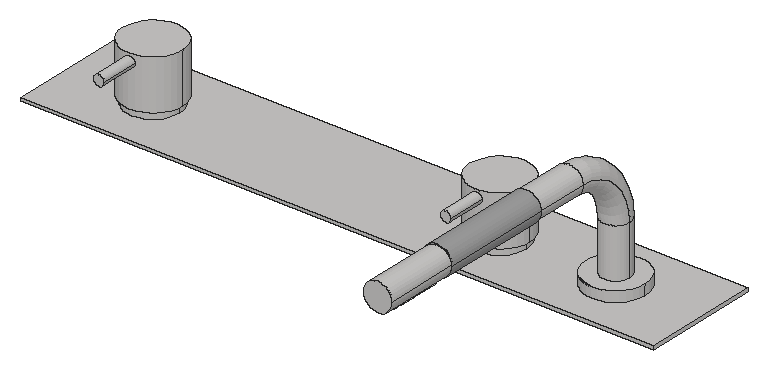
Revit family "BK3", category Generic Models, Revit 2021
Family settings
  Can host rebar = No
  Round Connector Dimension = Use Diameter
  Part Type = Normal
  Work Plane-Based = No
  Always vertical = Yes
  Cut with Voids When Loaded = No
  Shared = No
  Room Calculation Point = No
Parameters (values of type "Standard")
  e-mail = "info@vola.com"
  URL = "http://vola.com"
  Telephone = "+45 7023 5500"
  Quality management standard = "ISO 9001"
  Organisation no. / DUNS no. = "17531328"
  Occupational health and safety management standard = "ISO 18001"
  Mounting Instructions = "http://vola.com/service/producturl.ashx?name=BK3"
  Model = "BK3"
  Materials and components information = "http://vola.com/service/producturl.ashx?name=BK3"
  Manufacturer = "VOLA A/S"
  Maintenance Instructions = "http://vola.com/service/producturl.ashx?name=BK3"
  Guarantee = "2 years"
  Flow = "38,00 l/min"
  Environmental management standard = "ISO 14000"
  Default Elevation = 0.0000 mm
  Connection - All relevant connections = "½\" flexible hose"
  Approvals = "http://vola.com/service/producturl.ashx?name=BK3"
Reference planes
  plane 1 "Center (Front/Back)": y = 0
  plane 2: z = 0
  plane 3 "Center (Left/Right)": x = 0
Forms (mm)
  Extrusion 1, solid, material "Stainless Steel"
    sketch origin (-39, 0, 6.5) x (1, 0, 0) y (0, 1, 0)
      loop
        line (-330.5, 40) -> (-330.5, -40) -> (96.5, -40) -> (96.5, 40) -> (-330.5, 40)
    from -6.5 to -4.5
  Extrusion 2, solid, material "Stainless Steel"
    sketch origin (-78, 0, 0) x (1, 0, 0) y (0, 1, 0)
      loop
        circle (0, 0) r 20
    from 7 to 40.5
  Extrusion 3, solid, material "Stainless Steel"
    sketch origin (-78, 0, 0) x (1, 0, 0) y (0, 1, 0)
      loop
        circle (0, 0) r 18
    from 2 to 7
  Extrusion 4, solid, material "Stainless Steel"
    sketch origin (-78, 0, 0.75) x (1, 0, 0) y (0, 0, 1)
      loop
        circle (0, 34.5) r 3.5
    from 19 to 45.5
  Extrusion 5, solid, material "Stainless Steel"
    sketch origin (-312, 0, 0) x (1, 0, 0) y (0, 1, 0)
      loop
        circle (0, 0) r 20
    from 7 to 40.5
  Extrusion 6, solid, material "Stainless Steel"
    sketch origin (-312, 0, 0) x (1, 0, 0) y (0, 1, 0)
      loop
        circle (0, 0) r 18
    from 2 to 7
  Extrusion 7, solid, material "Stainless Steel"
    sketch origin (-312, 0, 0.75) x (1, 0, 0) y (0, 0, 1)
      loop
        circle (0, 34.5) r 3.5
    from 19 to 45.5
  Extrusion 8, solid, material "Stainless Steel"
    sketch origin (0, 0, 2) x (1, 0, 0) y (0, 1, 0)
      loop
        circle (0, 0) r 20
    from 0 to 7
  Sweep 9, solid, material "Stainless Steel"
    path origin (0, 0, 2) x (0, 1, 0) y (0, 0, 1)
      loop
        line (0, 7) -> (0, 40.5)
        arc (0, 40.5) -> (-11.569, 68.431) -> (-39.5, 80) r 39.5
        line (-39.5, 80) -> (-75.5, 80)
    profile origin (0, 0, 25.75) x (0, -1, 0) y (1, 0, 0)
      loop
        circle (0, 0) r 9.5
  Extrusion 10, solid, material "Grey Coating"
    sketch origin (0, -75.5, 82) x (1, 0, 0) y (0, 0, 1)
      loop
        circle (0, 0) r 10
    from 0 to 75
  Extrusion 11, solid, material "Stainless Steel"
    sketch origin (0, -150.5, 82) x (1, 0, 0) y (0, 0, 1)
      loop
        circle (0, 0) r 9.5
    from 0 to 50
  Extrusion 12, solid, material "Stainless Steel"
    sketch origin (0, 9.25, 64.884) x (1, 0, 0) y (0, 1, 0)
      loop
        circle (0, -200.45) r 1.225
      loop
        circle (0, -195.95) r 1.225
      loop
        circle (0, -191.45) r 1.225
      loop
        circle (0, -186.95) r 1.225
      loop
        circle (0, -182.45) r 1.225
      loop
        circle (0, -177.95) r 1.225
      loop
        circle (0, -173.45) r 1.225
      loop
        circle (0, -168.95) r 1.225
    from 7.116 to 10.217
  Extrusion 13, solid, material "Stainless Steel"
    sketch origin (8.298, 9.25, 67.03) x (-0.87462, 0, -0.48481) y (0, -1, 0)
      loop
        circle (0, 200.45) r 1.225
      loop
        circle (0, 195.95) r 1.225
      loop
        circle (0, 191.45) r 1.225
      loop
        circle (0, 186.95) r 1.225
      loop
        circle (0, 182.45) r 1.225
      loop
        circle (0, 177.95) r 1.225
      loop
        circle (0, 173.45) r 1.225
      loop
        circle (0, 168.95) r 1.225
    from 7.116 to 10.217
  Extrusion 14, solid, material "Stainless Steel"
    sketch origin (-8.298, 9.25, 67.03) x (0.87462, 0, -0.48481) y (0, 1, 0)
      loop
        circle (0, -200.45) r 1.225
      loop
        circle (0, -195.95) r 1.225
      loop
        circle (0, -191.45) r 1.225
      loop
        circle (0, -186.95) r 1.225
      loop
        circle (0, -182.45) r 1.225
      loop
        circle (0, -177.95) r 1.225
      loop
        circle (0, -173.45) r 1.225
      loop
        circle (0, -168.95) r 1.225
    from 7.116 to 10.217
Cuts and joins
  joined: Extrusion 5, Extrusion 7
  joined: Extrusion 2, Extrusion 4
  joined: Extrusion 11, Extrusion 12, Extrusion 13, Extrusion 14
Lines and regions (mm)
  model lines
    curve 1: line (-71.95, 19.141, 40.5) -> (-71.95, -19.141, 40.5)
    curve 2: line (-84.05, 19.141, 40.5) -> (-84.05, -19.141, 40.5)
    curve 3: line (-305.95, 19.141, 40.5) -> (-305.95, -19.141, 40.5)
    curve 4: line (-318.05, 19.141, 40.5) -> (-318.05, -19.141, 40.5)
Dimensions and locks
  aligned and locked: plane 2 to level
